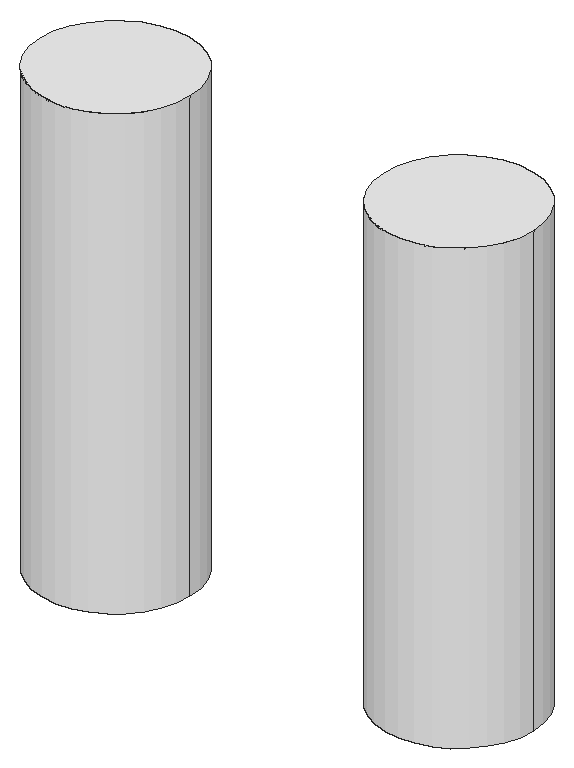
Revit family "5550220300006(2023)", category Plumbing Fixtures, Revit 2020
Family settings
  Round Connector Dimension = Use Diameter
  Part Type = Normal
  OmniClass Number = 23.45.55.00
  OmniClass Title = Sanitary Faucets, Wastes
  Work Plane-Based = No
  Always vertical = Yes
  Cut with Voids When Loaded = No
  Shared = No
  Room Calculation Point = No
Parameters (values of type "5550220300006 Washbasin faucet")
  Working Pressure = "50 - 1000 kPa"
  WarrantyStartDate [instance] = "n/a"
  WarrantyGuarantorParts = "n/a"
  WarrantyGuarantorLabor = "n/a"
  WarrantyDurationUnit = "Year"
  WarrantyDurationParts = "n/a"
  WarrantyDurationLabor = "n/a"
  WarrantyDescription = "http://warranty.hansa.com"
  Warranty Information URL = "http://warranty.hansa.com"
  VersionDate = "17/01/2024"
  Version = "1"
  ValvePattern = "n/a"
  ValveOperation = "n/a"
  ValveMechanism = "n/a"
  Uniclass2015Reference = "Pr_40_20_87_96"
  Uniclass2015Description = "Washbasin manual water supply sets"
  Uniclass2 = "Pr_40_30_96_96"
  URL UWL = "http://static.hansa.com/UWL/5550220300006"
  URL REACH = "http://static.hansa.com/doc/reach"
  URL EcoLabel Declaration = "http://static.hansa.com/doc/EcoLabel"
  URL EU Packaging Declaration = "http://static.hansa.com/doc/packaging"
  URL Declaration of SCIP = "http://static.hansa.com/doc/SCIP"
  URL Declaration of Conformity = "http://static.hansa.com/DoC/5550220300006"
  URL Declaration of Asbestos = "http://static.hansa.com/doc/asbestos"
  URL Declaration Of Performance (DOP) = "http://static.hansa.com/doc/DoP"
  URL = ""
  Type Comments = ""
  TestPressure = "n/a"
  Temperature Adjustments = "Limitation option for maximum temperature and flow-rate ;Adjustable hot water stop (included, retrofittable);Energy saving variation - cold water in the middle position"
  Technical DataSheet URL = "http://www.hansa.com/datasheet/5550220300006/en"
  TagNumber [instance] = "n/a"
  SustainabilityPerformance = "n/a"
  Surface treatment = "Chrome"
  Spout Type = "Fixed spout"
  Spout Projection = "112 mm"
  Spare-Part Information URL = "http://static.hansa.com/sp/5550220300006"
  Size = "50x150x145 mm"
  Shape = "Sculptured"
  SerialNumber [instance] = "n/a"
  Sales Package dimensions (LxWxH) = "395 x 195 x 70"
  Revision = "n/a"
  ReplacementCost = "n/a"
  ProductInformation = "n/a"
  Product URL = "http://static.hansa.com/5550220300006"
  Product Image URL = "http://static.hansa.com/image/5550220300006"
  Product Family = "HANSABASIC XL"
  Product Code = "5550220300006"
  OperatingMechanismMaterial = "n/a"
  NominalWidth = 47.158 mm
  NominalHeight = 145.504 mm
  NominalDepth = 149.489 mm
  Noise Class = "I (ISO 3822)"
  Name_en = "5550220300006 Washbasin faucet"
  Name = "5550220300006 Washbasin faucet"
  NBSReference = "45-35-70/371"
  NBSDescription = "Water supply fittings for wash basins and troughs"
  Mounting Holes = "1 hole"
  ModelReference = "5550220300006"
  ModelNumber = "n/a"
  Model = "5550220300006 Washbasin faucet"
  Mobile Product Information URL = "http://mpi.hansa.com/5550220300006"
  Mechanical Parts = "ø 35 mm ceramic eco cartridge for flow and temperature control"
  Max. Hot Water Supply = 70 °C
  Material = "Brass"
  ManufacturerURL = "http://www.hansa.com"
  ManufacturerName = "HANSA"
  Manufacturer = "HANSA"
  Lever Handle = "Hot/Cold symbols;Single operating lever/handle"
  Keynote = ""
  Interactive AR View URL = "https://static.hansa.com/AR/5550220300006"
  InstallationDate [instance] = "n/a"
  Installation and Maintenance Guide URL = "http://static.hansa.com/manual/5550220300006"
  Installation Type = "Deck mounted"
  InletConnectionSize = 10 mm
  IfcExportType = "FAUCET"  # constant formula
  IfcExportAs = "IfcValveType"  # constant formula
  Group = "Washbasin faucet"
  Grade = "n/a"
  FlowCoefficient = 0
  Flow Rate At 300kPa With Flow Controller = 0.08 L/s
  Flow Drawing URL = "http://static.hansa.com/flowchart/5550220300006"
  Finish = "Polished"
  Features = "Single-lever"
  FaucetMainMaterial = Brass
  FDV Document URL = "http://www.hansa.com/datasheet/5550220300006/en/fdv"
  Extensions = "Pop-up waste with draw-rod"
  ExpectedLife = "n/a"
  EN Standard = "EN 817"
  EAN Number = "4057304021169"
  DurationUnit = "Year"
  Dimension Drawing URL = "http://static.hansa.com/dimdrw/5550220300006"
  Description = ""
  DefaultElevation [instance] = 900 mm
  Default Elevation = 0 mm
  Constituents = "n/a"
  Connection Size = "G3/8"
  Connection = "Flexible inlet pipes"
  Color = "Chrome"
  CodePerformance = "n/a"
  CloseOffRating = 0
  Catalog Drawing URL = "http://static.hansa.com/catdrw/5550220300006"
  Brand = "HANSA"
  BodyMaterial = "Brass"
  Barcode [instance] = "n/a"
  Backflow Prevention EN1717 = "AA"
  BIMObjectName = "5550220300006(2023)"
  Author = "BIMStone"
  AssetType = "Fixed"
  AssetIdentifier [instance] = "n/a"
  Aerator = "PCA® - constant flow rate regardless of pressure variations"
  Advanced Features = "Rapid installation system"
  AccessibilityPerformance = "n/a"
  3D View = "https://static.hansa.com/AR/5550220300006"
  2D/3D/BIM Files URL = "http://static.hansa.com/bim/5550220300006"
Reference planes
  plane 1 "Center (Front/Back)": y = 0
  plane 2: z = 0
  plane 3 "Center (Left/Right)": x = 0
  plane 4: x = -23.579
  plane 5: z = 900
  plane 6: z = 870
  plane 7: y = -149.489
  plane 8: x = 23.579
  plane 9: z = 1045.504
Forms (mm)
  Extrusion 1, solid, material "Brass" <- "FaucetMainMaterial"
    sketch origin (0, -2.393, 0) x (1, 0, 0) y (0, 1, 0)
      loop
        circle (-11.5, -22.5) r 5
      loop
        circle (11.5, -22.5) r 5
    from 870 to 900
Dimensions and locks
  "DefaultElevation": plane 5 to level
  locked: plane 5 to plane 6 at 30
  "NominalDepth": plane 7 to plane 1 "Center (Front/Back)"
  equal spacing: plane 4, plane 3 "Center (Left/Right)", plane 8
  "NominalHeight": plane 9 to plane 5
  "NominalWidth": plane 4 to plane 8
  "InletConnectionSize": diameter of Extrusion 1 sketch curve  (x2)
  aligned and locked: level to plane 2
  aligned and locked: plane 5 to Extrusion 1
  aligned and locked: Extrusion 1 to plane 6
  aligned and locked: plane 1 "Center (Front/Back)" to nested 2
  aligned and locked: plane 3 "Center (Left/Right)" to nested 2
  aligned and locked: plane 3 "Center (Left/Right)" to nested 1
  aligned and locked: plane 1 "Center (Front/Back)" to nested 1
  aligned and locked: plane 5 to nested 2
Automatic sketch dimensions
  Extrusion 1 sketch curve to plane 3 "Center (Left/Right)" = 11.5 mm
  plane 3 "Center (Left/Right)" to Extrusion 1 sketch curve = 11.5 mm
  plane 1 "Center (Front/Back)" to Extrusion 1 sketch curve = 24.893 mm  (x2)
Nested families
  nested 1: "Symbol" at (0, 0, 0), type "Symbol", detail levels coarse
  nested 2: "55502203_Body" at (0, 0, 900), Material <- "FaucetMainMaterial", type "55502203_Body"
    with Material Brass
Connectors
  piping at (-11.5, -24.893, 870), diameter 10, driven by "InletConnectionSize"
    settings: on Extrusion 1, index 1, connector inside diameter 609.6 mm, connector length 0 mm, flow factor 0, pipe flow 0.08 L/s, pressure drop 0.0 Pa, fitting loss kfactor 0, connector angle 0.00°, fixture units 0, engagement length 0 mm, angle of deflection 0.00°, flow configuration 1, flow direction 1, fitting loss method 0, system type 19, joint type 0, gender type 0, connector reference index -1, connector utility 0, adjustable connector no, is connector primary yes, connector description ""
  piping at (11.5, -24.893, 870), diameter 10, driven by "InletConnectionSize"
    settings: on Extrusion 1, index 2, connector inside diameter 609.6 mm, connector length 0 mm, flow factor 0, pipe flow 0.08 L/s, pressure drop 0.0 Pa, fitting loss kfactor 0, connector angle 0.00°, fixture units 0, engagement length 0 mm, angle of deflection 0.00°, flow configuration 1, flow direction 1, fitting loss method 0, system type 20, joint type 0, gender type 0, connector reference index -1, connector utility 0, adjustable connector no, is connector primary no, connector description ""
Definition of nested family "Symbol"
  Reference planes
    plane 1: y = 0
    plane 2: x = 0
  Lines and regions (mm)
    detail lines
      curve 1: line (0, 0, 0) -> (0, -1.8, 0)
      curve 2: line (-0.4, -1.1, 0) -> (0.4, -1.1, 0)
      curve 3: line (-0.4, -1.4, 0) -> (0.4, -1.4, 0)
      curve 4: line (0.863, 0, 0) -> (-0.863, 0, 0)
      curve 5: circle (-1.163, 0, 0) r 0.3 normal (0, 0, -1)
      curve 6: circle (1.163, 0, 0) r 0.3 normal (0, 0, 1)
